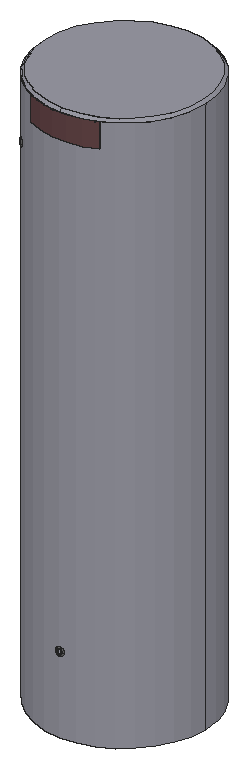
Revit family "315L Cylinder", category Generic Models, host Face, Revit 2018
Family settings
  Host = Face
  Can host rebar = No
  Round Connector Dimension = Use Diameter
  Part Type = Normal
  Cut with Voids When Loaded = No
  Shared = No
  Room Calculation Point = No
Parameters
  Weights - empty/full = "61kg / 381kg"  # constant formula
  Warranty (Parts) = "5 Years"  # constant formula
  Warranty (Labour) = "1 Year"  # constant formula
  URL = "https://rinnai.co.nz/"
  Type Comments = ""
  Thermowell Connection = "DN20"  # constant formula
  TPR Valve (Supplied) = "850kPa, 99 °C, 46 kW"  # constant formula
  TPR Connection = "DN20"  # constant formula
  Seismic Restraint = "In accordance with G12/AS1 Figure 14"  # constant formula
  Model = "BE18002776"
  Manufacturer = "Rinnai"
  Installation = "In accordance with G12 and AS/NZS 3500.4"  # constant formula
  Hot Return Height = 385 mm
  Hot Return Connection = "DN32"  # constant formula
  Hot Outlet Height = 1855 mm
  Hot Outlet Connection = "DN32"  # constant formula
  Description = "Demand Duo 315L Storage Cylinder"
  Default Elevation = 1219.2 mm
  Cylinder Height = 2083 mm
  Connection Radii = 300 mm
  Cold Inlet/ Thermowell Height = 285 mm
  Cold Inlet Connection = "DN32"  # constant formula
  Angle (Thermowell Port) = 90.00°
  Angle (TPR 2) = 43.00°
  Angle (TPR 1) = 22.00°
  Angle (Hot & Cold) = 0.00°
Reference planes
  plane 1 "Center (Front/Back)": y = 0
  plane 2: z = 0
  plane 3 "Center (Left/Right)": x = 0
  plane 4 "Cold Inlet": z = 285
  plane 5: z = 385
  plane 6: z = 1855
  plane 7: x = -300
  plane 8 "Cylinder Height": z = 2083
  plane 9: x = 0
  plane 10: through (0, 0, 2286) normal (0.9063, -0.4226, 0)
  plane 11: through (0, 0, 2286) normal (0.9063, 0.4226, 0)
  plane 12: z = 2073
Forms (mm)
  Extrusion 1, solid, material "315 Tank"
    sketch origin (0, 0, 0) x (1, 0, 0) y (0, 1, 0)
      loop
        circle (0, 0) r 300
    from 0 to 2073
  Extrusion 2, void
    sketch origin (-300, 129.44, 2286) x (0, -1, 0) y (0, 0, 1)
      loop
        circle (129.44, -431) r 16
    from 2 to -10
  Extrusion 3, void
    sketch origin (-291.497, -79.36, 0) x (-0.374607, 0.927184, 0) y (0, 0, 1)
      loop
        circle (-35.615, 1855) r 10
    from -2 to 5
  Extrusion 4, void
    sketch origin (-217.463, -206.683, 0) x (-0.681998, 0.731354, 0) y (0, 0, 1)
      loop
        circle (2.849, 1855) r 10
    from -2 to 5
  Extrusion 5, void
    sketch origin (17.218, -300, -23.368) x (-1, 0, 0) y (0, 0, 1)
      loop
        circle (17.218, 308.368) r 10
    from -2 to 10
  Extrusion 6, void
    sketch origin (-300, 0, 2286) x (0, -1, 0) y (0, 0, 1)
      loop
        circle (0, -1901) r 16
    from 2 to -10
  Extrusion 7, void
    sketch origin (-300, 0, 0) x (0, 0, 1) y (0, 1, 0)
      loop
        circle (285, 0) r 16
    from 2 to -10
  Extrusion 8, solid, material "315 Tank"
    sketch origin (-300, 0, 2286) x (0, -1, 0) y (0, 0, 1)
      loop
        circle (0, -431) r 25
    from -5 to 2
  Blend 9, solid, material "Rinnai Black"
    base sketch origin (-276.314, -116.939, 0) x (-0.374607, 0.927184, 0) y (0, 0, 1)
      loop
        circle (4.915, 1855) r 15
    top sketch origin (-276.314, -116.939, 0) x (-0.374607, 0.927184, 0) y (0, 0, 1)
      loop
        circle (4.915, 1855) r 12.513
    from 0 to -2
  Blend 10, solid, material "Rinnai Black"
    base sketch origin (-217.463, -206.683, 0) x (-0.681998, 0.731354, 0) y (0, 0, 1)
      loop
        circle (2.849, 1855) r 15
    top sketch origin (-217.463, -206.683, 0) x (-0.681998, 0.731354, 0) y (0, 0, 1)
      loop
        circle (2.849, 1855) r 12.5
    from 0 to -2
  Extrusion 11, solid, material "315 Tank"
    sketch origin (-300, 0, 816) x (0, -1, 0) y (0, 0, 1)
      loop
        circle (0, -431) r 25
    from -5 to 2
  Extrusion 12, solid, material "315 Tank"
    sketch origin (-300, 0, 716) x (0, -1, 0) y (0, 0, 1)
      loop
        circle (0, -431) r 25
    from -5 to 2
  Blend 13, solid, material "Rinnai Black"
    base sketch origin (34.234, -300, 9.974) x (-1, 0, 0) y (0, 0, 1)
      loop
        circle (34.234, 275.026) r 15
    top sketch origin (34.234, -300, 9.974) x (-1, 0, 0) y (0, 0, 1)
      loop
        circle (34.234, 275.026) r 12.5
    from 0 to -2
  Extrusion 14, solid, material "Rinnai Logo"
    sketch origin (0, 0, 2083) x (-1, 0, 0) y (0, -1, 0)
      loop
        line (126.785, 271.892) -> (127.631, 273.705)
        arc (127.631, 273.705) -> (0, 302) -> (-127.631, 273.705) r 302
        line (-127.631, 273.705) -> (-126.785, 271.892)
        arc (-126.785, 271.892) -> (0, 300) -> (126.785, 271.892) r 300
    from -10 to -100
  Blend 15, solid, material "315 Tank"
    base sketch origin (0, 333.083, 2073) x (0, 1, 0) y (-1, 0, 0)
      loop
        circle (-333.083, 0) r 300
    top sketch origin (0, 333.083, 2073) x (0, 1, 0) y (-1, 0, 0)
      loop
        circle (-333.083, 0) r 290
    from 0 to 10
Cuts and joins
  Extrusion 2, Extrusion 3, Extrusion 4, Extrusion 5, Extrusion 6, Extrusion 7 cuts Extrusion 1
  Extrusion 2 cuts Extrusion 8
  Extrusion 3 cuts Blend 9
  Extrusion 4 cuts Blend 10
  Extrusion 6 cuts Extrusion 11
  Extrusion 7 cuts Extrusion 12
  Extrusion 5 cuts Blend 13
Lines and regions (mm)
  reference lines
    curve 1: line (0, 0, 0) -> (-300, 0, 0)
    curve 2: line (0, 0, 0) -> (-278.155, -112.382, 0)
    curve 3: line (0, 0, 0) -> (-219.406, -204.6, 0)
    curve 4: line (0, 0, 0) -> (0, -300, 0)
    curve 5: line (0, 300, 0) -> (0, -300, 0)
    curve 6: line (300, 0, 0) -> (-300, 0, 0)
    curve 7: line (-276.314, -116.939, 0) -> (-280.06, -107.667, 0)
    curve 8: line (-217.463, -206.683, 0) -> (-221.559, -202.291, 0)
    curve 9: line (7.524, -300, 0) -> (-6.565, -300, 0)
Dimensions and locks
  "Connection Radii": curve 1 to curve 1
  "Connection Radii": curve 2 to curve 2
  "Connection Radii": curve 3 to curve 3
  "Connection Radii": curve 4 to curve 4
  "Cold Inlet/ Thermowell Height": plane 4 "Cold Inlet" to plane 2
  "Hot Return Height": plane 5 to level
  "Hot Outlet Height": plane 6 to level
  "Cylinder Height": plane 8 "Cylinder Height" to plane 2
  "Connection Radii": radius of Extrusion 1 sketch curve
  "Angle (Hot & Cold)": angle plane 1 "Center (Front/Back)" to curve 1
  "Angle (TPR 1)": angle plane 1 "Center (Front/Back)" to curve 2
  "Angle (TPR 2)": angle plane 1 "Center (Front/Back)" to curve 3
  "Angle (Thermowell Port)": angle plane 1 "Center (Front/Back)" to curve 4
  aligned and locked: plane 2 to host face
  aligned and locked: level to host face
  aligned and locked: plane 3 "Center (Left/Right)" to Extrusion 1 sketch curve
  aligned and locked: plane 1 "Center (Front/Back)" to Extrusion 1 sketch curve
  aligned and locked: curve 5 to plane 3 "Center (Left/Right)"
  aligned and locked: curve 6 to Extrusion 1
  aligned and locked: plane 7 to curve 6
  aligned and locked: plane 6 to Extrusion 2 sketch curve
  aligned and locked: plane 6 to Extrusion 3 sketch curve
  aligned and locked: curve 2 to Extrusion 3 sketch curve
  aligned and locked: plane 6 to Extrusion 4 sketch curve
  aligned and locked: curve 3 to Extrusion 4 sketch curve
  aligned and locked: plane 1 "Center (Front/Back)" to Extrusion 8 sketch curve
  aligned and locked: plane 6 to Extrusion 8 sketch curve
  aligned and locked: Extrusion 8 to Extrusion 2
  aligned and locked: Blend 9 to Extrusion 3
  aligned and locked: Blend 10 to Extrusion 4
  aligned and locked: Extrusion 6 to Extrusion 2
  aligned and locked: Extrusion 7 to Extrusion 2
  aligned and locked: Blend 13 to Extrusion 5
  aligned and locked: plane 6 to Blend 9 sketch curve  (x2)
  aligned and locked: plane 6 to Blend 10 sketch curve  (x2)
  aligned and locked: plane 3 "Center (Left/Right)" to Extrusion 5 sketch curve
  aligned and locked: plane 4 "Cold Inlet" to Extrusion 5 sketch curve
  aligned and locked: plane 3 "Center (Left/Right)" to Blend 13 sketch curve  (x2)
  aligned and locked: plane 4 "Cold Inlet" to Blend 13 sketch curve  (x2)
  aligned and locked: plane 3 "Center (Left/Right)" to plane 9
  aligned and locked: Extrusion 14 sketch curve to plane 10  (x2)
  aligned and locked: plane 11 to Extrusion 14 sketch curve
  aligned and locked: Extrusion 14 sketch curve to plane 11
  aligned and locked: plane 12 to Extrusion 1
  aligned and locked: plane 12 to Extrusion 14
  aligned and locked: plane 8 "Cylinder Height" to Blend 15
Automatic sketch dimensions
  host sketch curve to host sketch curve = 2438.4 mm  (x2)
  Extrusion 2 sketch curve to plane 1 "Center (Front/Back)" = 0 mm
  Extrusion 6 sketch curve to plane 1 "Center (Front/Back)" = 0 mm
  Extrusion 6 sketch curve to plane 5 = 0 mm
  Extrusion 7 sketch curve to plane 1 "Center (Front/Back)" = 0 mm
  Extrusion 7 sketch curve to plane 4 "Cold Inlet" = 0 mm
  curve 7 to Blend 9 sketch curve = 4.915 mm  (x2)
  curve 8 to Blend 10 sketch curve = 2.849 mm  (x2)
  Extrusion 11 sketch curve to plane 1 "Center (Front/Back)" = 0 mm
  Extrusion 11 sketch curve to plane 5 = 0 mm
  Extrusion 12 sketch curve to plane 1 "Center (Front/Back)" = 0 mm
  Extrusion 12 sketch curve to plane 4 "Cold Inlet" = 0 mm
  Extrusion 14 sketch curve to Extrusion 14 sketch curve = 0 mm  (x2)
  plane 1 "Center (Front/Back)" to Extrusion 14 sketch curve = 0 mm
  Extrusion 14 sketch curve to plane 3 "Center (Left/Right)" = 0 mm
  Extrusion 14 sketch curve to plane 3 "Center (Left/Right)" = 126.785 mm
  Extrusion 14 sketch curve to Extrusion 14 sketch curve = 0.845 mm
  plane 1 "Center (Front/Back)" to Blend 15 sketch curve = 0 mm  (x2)
  Blend 15 sketch curve to plane 3 "Center (Left/Right)" = 0 mm  (x2)
  plane 1 "Center (Front/Back)" to curve 6 = 0 mm
  curve 7 to curve 2 = 1.905 mm
  curve 2 to curve 7 = 1.841 mm
  curve 8 to curve 3 = 2.153 mm
  curve 3 to curve 8 = 1.943 mm
  curve 9 to curve 4 = 6.565 mm
  plane 3 "Center (Left/Right)" to curve 9 = 7.524 mm
  plane 3 "Center (Left/Right)" to curve 6 = 300 mm
  curve 4 to curve 9 = 0 mm
  curve 5 to plane 1 "Center (Front/Back)" = 300 mm
  radius of Extrusion 3 sketch curve = 10 mm
  radius of Extrusion 4 sketch curve = 10 mm
  radius of Extrusion 5 sketch curve = 10 mm
  radius of Extrusion 6 sketch curve = 16 mm
  radius of Extrusion 7 sketch curve = 16 mm
  radius of Extrusion 8 sketch curve = 25 mm
  radius of Blend 9 sketch curve = 15 mm
  radius of Blend 9 sketch curve = 12.513 mm
  radius of Blend 10 sketch curve = 15 mm
  radius of Blend 10 sketch curve = 12.5 mm
  radius of Extrusion 11 sketch curve = 25 mm
  radius of Extrusion 12 sketch curve = 25 mm
  radius of Blend 13 sketch curve = 15 mm
  radius of Blend 13 sketch curve = 12.5 mm
  radius of Extrusion 2 sketch curve = 16 mm
  radius of Blend 15 sketch curve = 300 mm
  radius of Blend 15 sketch curve = 290 mm
Connectors
  piping at (-302, 0, 1855), diameter 32
    settings: on cut or joined group of Extrusion 2, Extrusion 8, index 1, connector inside diameter 609.6 mm, connector length 0 mm, flow factor 0, pipe flow 0.0 L/s, pressure drop 0.0 Pa, fitting loss kfactor 0, connector angle 0.00°, fixture units 0, engagement length 0 mm, angle of deflection 0.00°, flow configuration 0, flow direction 2, fitting loss method 0, system type 19, joint type 0, gender type 0, connector reference index -1, connector utility 0, adjustable connector no, is connector primary yes, connector description ""
  piping at (-280.01, -113.131, 1855), diameter 20
    settings: on cut or joined group of Extrusion 3, Blend 9, index 2, connector inside diameter 609.6 mm, connector length 0 mm, flow factor 0, pipe flow 0.0 L/s, pressure drop 0.0 Pa, fitting loss kfactor 0, connector angle 0.00°, fixture units 0, engagement length 0 mm, angle of deflection 0.00°, flow configuration 0, flow direction 0, fitting loss method 0, system type 22, joint type 0, gender type 0, connector reference index -1, connector utility 0, adjustable connector no, is connector primary no, connector description ""
  piping at (-220.869, -205.964, 1855), diameter 20
    settings: on cut or joined group of Extrusion 4, Blend 10, index 3, connector inside diameter 609.6 mm, connector length 0 mm, flow factor 0, pipe flow 0.0 L/s, pressure drop 0.0 Pa, fitting loss kfactor 0, connector angle 0.00°, fixture units 0, engagement length 0 mm, angle of deflection 0.00°, flow configuration 0, flow direction 0, fitting loss method 0, system type 7, joint type 0, gender type 0, connector reference index -1, connector utility 0, adjustable connector no, is connector primary no, connector description ""
  piping at (-302, 0, 385), diameter 32
    settings: on cut or joined group of Extrusion 6, Extrusion 11, index 4, connector inside diameter 609.6 mm, connector length 0 mm, flow factor 0, pipe flow 0.0 L/s, pressure drop 0.0 Pa, fitting loss kfactor 0, connector angle 0.00°, fixture units 0, engagement length 0 mm, angle of deflection 0.00°, flow configuration 0, flow direction 0, fitting loss method 0, system type 8, joint type 0, gender type 0, connector reference index -1, connector utility 0, adjustable connector no, is connector primary no, connector description ""
  piping at (-302, 0, 285), diameter 32
    settings: on cut or joined group of Extrusion 7, Extrusion 12, index 5, connector inside diameter 609.6 mm, connector length 0 mm, flow factor 0, pipe flow 0.0 L/s, pressure drop 0.0 Pa, fitting loss kfactor 0, connector angle 0.00°, fixture units 0, engagement length 0 mm, angle of deflection 0.00°, flow configuration 0, flow direction 0, fitting loss method 0, system type 20, joint type 0, gender type 0, connector reference index -1, connector utility 0, adjustable connector no, is connector primary no, connector description ""
  piping at (0, -302, 285), diameter 20
    settings: on cut or joined group of Extrusion 5, Blend 13, index 6, connector inside diameter 609.6 mm, connector length 0 mm, flow factor 0, pipe flow 0.0 L/s, pressure drop 0.0 Pa, fitting loss kfactor 0, connector angle 0.00°, fixture units 0, engagement length 0 mm, angle of deflection 0.00°, flow configuration 0, flow direction 0, fitting loss method 0, system type 28, joint type 0, gender type 0, connector reference index -1, connector utility 0, adjustable connector no, is connector primary no, connector description ""
